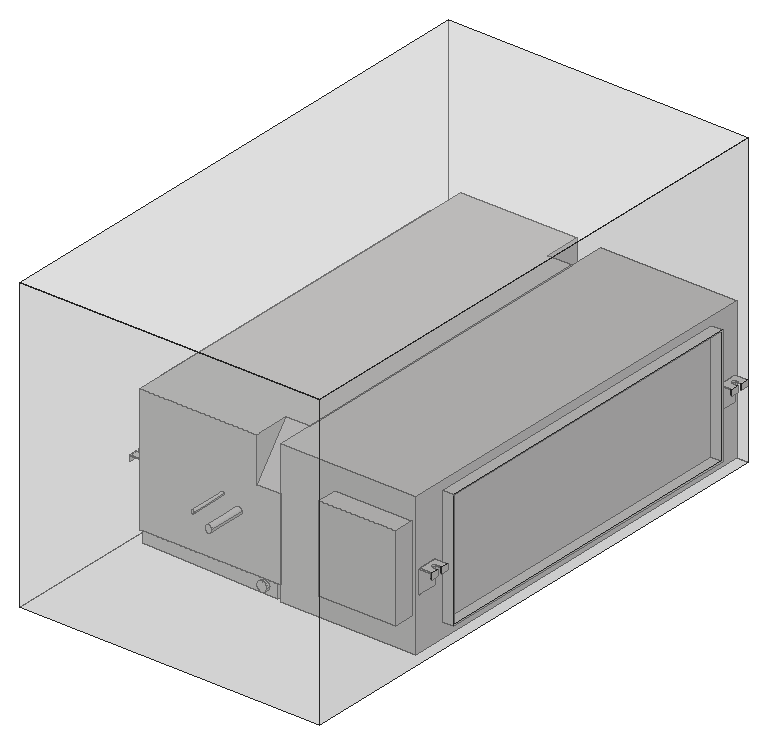
Revit family "outputfile", category 機械設備, Revit 2024
Family settings
  丸型コネクタ寸法 = 半径を使用
  パーツ タイプ = 標準
  OmniClass 番号 = 23.75.10.24.21.27.27
  OmniClass タイトル = Split System Air Conditioning Units
  作業面ベース = いいえ
  常に垂直 = はい
  ロード時にボイドで切り取り = いいえ
  注釈の向きを維持 = いいえ
  共有 = いいえ
  部屋計算ポイント = はい
Parameters (values of type "FDYQ250LCV1")
  製造元 = "Daikin"
  書き出し IFC クラス(タイプ) = "IfcUnitaryEquipmentType"
  定義済み IFC タイプ(タイプ) = "AIRCONDITIONINGUNIT"
  モデル = "FDYQ250LCV1"
  switch_frequency = yes
  lw_suctionflange = 1118 mm
  r_Liquid Pipe Size = Liquid Pipe Size / 2  # 4.75 mm
  r_Gas Pipe Size = Gas Pipe Size / 2  # 11.1 mm
  r_Drain Pipe Size = Drain Pipe Size / 2  # 16.35 mm
  lw_power = 33.5 mm  # constant formula
  lw_dischargeflange = 58 mm  # constant formula
  lh_power = 285 mm  # constant formula
  lh_mountinghole1 = lh_mountinghole + [h***]  # 254 mm
  lh_dischargeflange = 110 mm  # constant formula
  ld_power = 230 mm  # constant formula
  ld_dischargeflange = 70 mm  # constant formula
  connector_voltage = Voltage_50Hz  # 230 V
  connector_powerinput = 6.850 kW
  connector_phase = Phase_50Hz  # 1
  Voltage_comment_50Hz = "220 - 240"
  Voltage_50Hz = 230 V
  Total Heating Capacity [instance] = 0.000 kW
  Supply Air Direction [instance] = yes
  Sound Power Level_H speed (dB) = 74
  Power Input (Heating) = 8.140 kW
  Phase_50Hz = 1
  Nominal Heating Capacity = 26.800 kW
  Minimum External Static Pressure = 50.00 Pa
  Minimum Circuit Amps_50Hz = 8.8 A
  Maximum Fuse Amps_50Hz = 16.0 A
  Maximum External Static Pressure = 250.00 Pa
  Material_Casing = DAIKIN_GalvanizedSteel_Casing_indoorunit
  ld_mountinghole = 972 mm  # constant formula
  lh_gaspipe = 248.5 mm  # constant formula
  lh_mountinghole = 254 mm  # constant formula
  lh_liquidpipe = 216 mm  # constant formula
  lh_drainpipe = 30 mm  # constant formula
  lh_antena = Height - lh_mountinghole + 1 mm  # 217 mm
  ld_drainpipe = 413.5 mm  # constant formula
  ld_liquidpipe = 275 mm  # constant formula
  ld_gaspipe = 327.5 mm  # constant formula
  lw_mountinghole = 1248 mm
  h*** = 0 mm  # constant formula
  lw_liquidpipe = 123.75 mm
  lw_gaspipe = 124.55 mm
  lw_drainpipe = 10 mm  # constant formula
  Width = 1400 mm
  Version = "ver.1.0"
  Unit Type = "Duct"
  Unit Mass Weight = 85.00 kg
  Unit Designation [instance] = ""
  Uniclass2015Version = "Products v1.30"
  Uniclass2015Title = "Split coil room air conditioning units"
  Uniclass2015Code = "Pr_70_65_03_86"
  Total Cooling Capacity [instance] = 0.000 kW
  Sound Pressure Level_M speed (dBA) = 42.5
  Sound Pressure Level_L speed (dBA) = 39
  Sound Pressure Level_H speed (dBA) = 46
  Series = "SkyAir_Fan Coil Unit"
  Sensible Cooling Capacity [instance] = 0.000 kW
  SA Duct Size Width = 1118 mm
  SA Duct Size Height = 350 mm
  Refrigerant Type = "R410A"
  RA Duct Size Width = 1118 mm
  RA Duct Size Height = 392.5 mm
  Power Input (Cooling) = 7.470 kW
  Option Accessory 3 [instance] = ""
  Option Accessory 2 [instance] = ""
  Option Accessory 1 [instance] = ""
  Nominal Cooling Capacity = 24.000 kW
  Minimum Airflow = 0.00 m³/h
  Median Airflow = 0.00 m³/h
  Maximum Airflow = 5040.00 m³/h
  Load Classification = HVAC
  Liquid Pipe Size = 9.5 mm
  Link_Nested Family [instance] = ""
  IfcVersion = ""
  IfcExportType = "AIRCONDITIONINGUNIT"
  IfcExportAs = "IfcUnitaryEquipmentType"
  Height = 470 mm
  Heating Entering Wet Bulb Temperature [instance] = -273.15 °C
  Heating Entering Dry Bulb Temperature [instance] = -273.15 °C
  Heating Ambient Wet Bulb Temperature [instance] = -273.15 °C
  Heating Ambient Dry Bulb Temperature [instance] = -273.15 °C
  Heat Exchanger Type = "Cross Fin Coil"
  Gas Pipe Size = 22.2 mm
  Frequency_50Hz = 50 Hz
  Fan Type = "Sirocco Fan"
  Fan Drive = "-"
  FCU Tag No. [instance] = ""
  Drain Pipe Size = 32.7 mm
  Design Supply Airflow [instance] = 0.00 m³/h
  Design Return Airflow [instance] = 0.00 m³/h
  Design External Static Pressure [instance] = 0.00 Pa
  Depth = 997 mm
  既定の高さ = 0 mm
  Cooling Entering Wet Bulb Temperature [instance] = 0.00 °C
  Cooling Entering Dry Bulb Temperature [instance] = 0.00 °C
  Cooling Ambient Wet Bulb Temperature [instance] = 0.00 °C
  Cooling Ambient Dry Bulb Temperature [instance] = 0.00 °C
  Clearance visibility [instance] = yes
  Clearance Top = 500 mm
  Clearance Right = 0 mm
  Clearance Rear = 0 mm
  Clearance Left = 0 mm
  Clearance Front = 450 mm
  Clearance Bottom = 0 mm
Reference planes
  plane 1 "Center (Front/Back)": y = 0
  plane 2 "h": z = 0
  plane 3 "Center (Left/Right)": x = 0
  plane 4 "Back": y = 666.5
  plane 5: y = -666.5
  plane 6 "Left": x = -498.5
  plane 7 "Reight": x = 498.5
  plane 8 "Top": z = 0
  plane 9 "Bottom": z = -470
  plane 10 "ld_mountinghole1": y = 624
  plane 11: y = 666.5
  plane 12: y = -1116.5
  plane 13: x = -498.5
  plane 14: x = 498.5
  plane 15: z = 500
  plane 16: z = -470
  plane 17: x = 7.75
  plane 18: z = -420
  plane 19 "ld_mountinghole2": y = -624
  plane 20: x = -486
  plane 21: x = 486
  plane 22: x = -459.25
  plane 23: x = 459.25
  plane 24 "Front": y = -733.5
  plane 25 "lh_mountinghole": z = -216
  plane 26: y = -529.5
  plane 27: z = -33
  plane 28: y = -559
  plane 29: z = -419
  plane 30: x = -184.25
  plane 31: x = -131.75
  plane 32: x = -45.75
  plane 33 "lh_liquidpipe": z = -216
  plane 34: z = -248.5
  plane 35: z = -440
  plane 36: y = -790.25
  plane 37: y = -791.05
  plane 38: y = -676.5
  plane 39: y = -700
  plane 40: x = 229.25
Forms (mm)
  Extrusion 1, solid, material "DAIKIN_GalvanizedSteel_Casing_indoorunit" <- "Material_Casing"
    sketch origin (12.25, -160, 0) x (1, 0, 0) y (0, 1, 0)
      loop
        line (-4.5, 826.5) -> (-4.5, -506.5) -> (447, -506.5) -> (447, 826.5) -> (-4.5, 826.5)
    from -470 to 0
  Extrusion 2, solid, material "DAIKIN_GalvanizedSteel_Casing_indoorunit" <- "Material_Casing"
    sketch origin (0, 0, 0) x (1, 0, 0) y (0, 1, 0)
      loop
        line (-459.25, 666.5) -> (-459.25, -666.5) -> (7.75, -666.5) -> (7.75, 666.5) -> (-459.25, 666.5)
    from -420 to 0
  Extrusion 3, void
    sketch origin (7.75, 1196.25, 1200) x (0, -1, 0) y (0, 0, 1)
      loop
        line (1862.75, -1200) -> (1742.75, -1200) -> (1862.75, -1350) -> (1862.75, -1200)
    from 0 to 80
  Extrusion 4, void
    sketch origin (7.75, -1196.25, 1200) x (0, 1, 0) y (0, 0, -1)
      loop
        line (1862.75, 1200) -> (1862.75, 1350) -> (1742.75, 1200) -> (1862.75, 1200)
    from 0 to 80
  Extrusion 5, solid, material "DAIKIN_GalvanizedSteel_Casing_indoorunit" <- "Material_Casing"
    sketch origin (0, -900, 0) x (1, 0, 0) y (0, 0, 1)
      loop
        line (190.25, -76) -> (190.25, -361) -> (444.25, -361) -> (444.25, -76) -> (190.25, -76)
    from -233.5 to -166.5
  Extrusion 6, solid, material "DAIKIN_GalvanizedSteel_Casing_indoorunit" <- "Material_Casing"
    sketch origin (0, 0, 0) x (1, 0, 0) y (0, 0, 1)
      loop
        line (-449.25, -420) -> (-449.25, -457) -> (-2.25, -467) -> (-2.25, -420) -> (-449.25, -420)
    from -666.5 to 666.5
  Extrusion 7, solid, material "DAIKIN_GalvanizedSteel_Casing_indoorunit" <- "Material_Casing"
    sketch origin (-1374.64, -666.5, 1200) x (-1, 0, 0) y (0, 0, 1)
      loop
        circle (-1190.39, -1416) r 4.75
    from 0 to -123.75
  Extrusion 8, solid, material "DAIKIN_GalvanizedSteel_Casing_indoorunit" <- "Material_Casing"
    sketch origin (-1374.64, -666.5, 1200) x (-1, 0, 0) y (0, 0, 1)
      loop
        circle (-1242.89, -1448.5) r 11.1
    from 0 to -124.55
  Extrusion 9, solid, material "DAIKIN_GalvanizedSteel_Casing_indoorunit" <- "Material_Casing"
    sketch origin (-1374.64, -666.5, 1200) x (-1, 0, 0) y (0, 0, 1)
      loop
        circle (-1328.89, -1640) r 16.35
    from 0 to -10
Cuts and joins
  Extrusion 3, Extrusion 4 cuts Extrusion 1
  Extrusion 3, Extrusion 4 cuts Extrusion 2
Dimensions and locks
  "Height": plane 8 "Top" to plane 9 "Bottom"
  equal spacing: plane 6 "Left", plane 3 "Center (Left/Right)", plane 7 "Reight"
  "Clearance Left": plane 13 to plane 6 "Left"
  "Clearance Right": plane 7 "Reight" to plane 14
  "Clearance Rear": plane 11 to plane 4 "Back"
  "Clearance Front": plane 5 to plane 12
  "Clearance Top": plane 15 to plane 8 "Top"
  "Clearance Bottom": plane 9 "Bottom" to plane 16
  equal spacing: plane 19 "ld_mountinghole2", plane 1 "Center (Front/Back)", plane 10 "ld_mountinghole1"
  "lw_mountinghole": plane 19 "ld_mountinghole2" to plane 10 "ld_mountinghole1"
  equal spacing: plane 20, plane 3 "Center (Left/Right)", plane 21
  "ld_mountinghole": plane 20 to plane 21
  "Depth": plane 6 "Left" to plane 7 "Reight"
  locked: plane 22 to plane 23 at 918.5
  equal spacing: plane 22, plane 3 "Center (Left/Right)", plane 23
  locked: plane 8 "Top" to plane 18 at 420
  "Width": plane 4 "Back" to plane 24 "Front"
  plane 4 "Back" to plane 5 = 1333 mm
  equal spacing: plane 4 "Back", plane 1 "Center (Front/Back)", plane 5
  "lh_mountinghole": plane 25 "lh_mountinghole" to plane 9 "Bottom"
  locked: plane 5 to plane 24 "Front" at 67
  locked: Extrusion 5 sketch curve to Extrusion 5 sketch curve at 254
  locked: Extrusion 5 sketch curve to Extrusion 5 sketch curve at 285
  locked: plane 8 "Top" to Extrusion 5 sketch curve at 76
  locked: plane 7 "Reight" to Extrusion 5 sketch curve at 54.25
  locked: plane 22 to plane 17 at 467
  locked: plane 26 to plane 5 at 137
  locked: plane 8 "Top" to plane 27 at 33
  locked: plane 28 to plane 5 at 107.5
  locked: plane 29 to plane 9 "Bottom" at 51
  "ld_liquidpipe": plane 22 to plane 30
  "ld_gaspipe": plane 22 to plane 31
  "ld_drainpipe": plane 22 to plane 32
  "lh_liquidpipe": plane 8 "Top" to plane 33 "lh_liquidpipe"
  "lh_gaspipe": plane 8 "Top" to plane 34
  "lh_drainpipe": plane 35 to plane 9 "Bottom"
  "lw_liquidpipe": plane 5 to plane 36
  "lw_gaspipe": plane 5 to plane 37
  "lw_drainpipe": plane 5 to plane 38
  "lw_power": plane 5 to plane 39
  "ld_power": plane 40 to plane 23
  "r_Liquid Pipe Size": radius of Extrusion 7 sketch curve
  "r_Gas Pipe Size": radius of Extrusion 8 sketch curve
  "r_Drain Pipe Size": radius of Extrusion 9 sketch curve
  aligned and locked: level to plane 2 "h"
  aligned and locked: plane 8 "Top" to Extrusion 1
  aligned and locked: Extrusion 1 to plane 9 "Bottom"
  aligned and locked: plane 10 "ld_mountinghole1" to nested 2
  aligned and locked: nested 4 to plane 12
  aligned and locked: plane 13 to nested 4
  aligned and locked: plane 14 to nested 4
  aligned and locked: nested 4 to plane 13
  aligned and locked: plane 11 to nested 4
  aligned and locked: plane 15 to nested 4
  aligned and locked: plane 16 to nested 4
  aligned and locked: Extrusion 1 to plane 17
  aligned and locked: Extrusion 2 sketch curve to plane 4 "Back"
  aligned and locked: Extrusion 2 sketch curve to plane 17
  aligned and locked: plane 5 to Extrusion 2 sketch curve
  aligned and locked: nested 1 to plane 19 "ld_mountinghole2"
  aligned and locked: plane 10 "ld_mountinghole1" to nested 7
  aligned and locked: plane 20 to nested 7
  aligned and locked: nested 6 to plane 19 "ld_mountinghole2"
  aligned and locked: plane 20 to nested 6
  aligned and locked: nested 5 to plane 21
  aligned and locked: nested 5 to plane 19 "ld_mountinghole2"
  aligned and locked: plane 10 "ld_mountinghole1" to nested 8
  aligned and locked: nested 8 to plane 21
  aligned and locked: plane 19 "ld_mountinghole2" to nested 9
  aligned and locked: nested 10 to plane 10 "ld_mountinghole1"
  aligned and locked: nested 3 to plane 3 "Center (Left/Right)"
  aligned and locked: plane 1 "Center (Front/Back)" to nested 3
  aligned and locked: level to plane 8 "Top"
  aligned and locked: Extrusion 2 to plane 22
  aligned and locked: plane 23 to Extrusion 1
  aligned and locked: plane 4 "Back" to Extrusion 1
  aligned and locked: Extrusion 1 to plane 5
  aligned and locked: Extrusion 2 to plane 18
  aligned and locked: plane 8 "Top" to Extrusion 2
  aligned and locked: nested 10 to plane 22
  aligned and locked: nested 9 to plane 22
  aligned and locked: plane 23 to nested 2
  aligned and locked: plane 23 to nested 1
  aligned and locked: plane 25 "lh_mountinghole" to nested 10
  aligned and locked: plane 25 "lh_mountinghole" to nested 9
  aligned and locked: plane 25 "lh_mountinghole" to nested 2
  aligned and locked: plane 25 "lh_mountinghole" to nested 1
  aligned and locked: plane 5 to Extrusion 5
  aligned and locked: Extrusion 5 to plane 24 "Front"
  aligned and locked: nested 11 to plane 22
  aligned and locked: plane 6 "Left" to nested 11
  aligned and locked: plane 26 to nested 11
  aligned and locked: plane 27 to nested 11
  aligned and locked: plane 23 to nested 12
  aligned and locked: nested 12 to plane 7 "Reight"
  aligned and locked: plane 28 to nested 12
  aligned and locked: nested 12 to plane 29
  aligned and locked: plane 4 "Back" to Extrusion 6
  aligned and locked: Extrusion 6 to plane 5
  aligned and locked: plane 33 "lh_liquidpipe" to Extrusion 7 sketch curve
  aligned and locked: plane 30 to Extrusion 7 sketch curve
  aligned and locked: plane 5 to Extrusion 7
  aligned and locked: Extrusion 7 to plane 36
  aligned and locked: plane 34 to Extrusion 8 sketch curve
  aligned and locked: plane 31 to Extrusion 8 sketch curve
  aligned and locked: Extrusion 8 to plane 37
  aligned and locked: plane 35 to Extrusion 9 sketch curve
  aligned and locked: plane 32 to Extrusion 9 sketch curve
  aligned and locked: plane 5 to Extrusion 8
  aligned and locked: plane 5 to Extrusion 9
  aligned and locked: Extrusion 9 to plane 38
  aligned and locked: plane 30 to nested 13
  aligned and locked: nested 13 to plane 36
  aligned and locked: nested 13 to plane 33 "lh_liquidpipe"
  aligned and locked: plane 31 to nested 14
  aligned and locked: nested 14 to plane 37
  aligned and locked: nested 14 to plane 34
  aligned and locked: plane 32 to nested 15
  aligned and locked: nested 15 to plane 38
  aligned and locked: nested 15 to plane 35
  aligned and locked: Extrusion 5 to nested 16
  aligned and locked: plane 40 to nested 16
  aligned and locked: nested 16 to plane 39
  aligned and locked: Extrusion 6 sketch curve to plane 18
Automatic sketch dimensions
  Extrusion 1 sketch curve to plane 5 = 0 mm
  Extrusion 1 sketch curve to plane 17 = 0 mm
  Extrusion 1 sketch curve to plane 23 = 0 mm
  Extrusion 1 sketch curve to plane 4 "Back" = 0 mm
  Extrusion 2 sketch curve to plane 22 = 0 mm
  Extrusion 3 sketch curve to level = 0 mm
  Extrusion 3 sketch curve to plane 5 = 0 mm
  plane 19 "ld_mountinghole2" to Extrusion 3 sketch curve = 77.5 mm
  plane 25 "lh_mountinghole" to Extrusion 3 sketch curve = 66 mm
  Extrusion 4 sketch curve to level = 0 mm
  Extrusion 4 sketch curve to plane 4 "Back" = 0 mm
  plane 10 "ld_mountinghole1" to Extrusion 4 sketch curve = 77.5 mm
  plane 25 "lh_mountinghole" to Extrusion 4 sketch curve = 66 mm
  plane 22 to Extrusion 6 sketch curve = 10 mm
  Extrusion 6 sketch curve to plane 3 "Center (Left/Right)" = 2.25 mm
  plane 9 "Bottom" to Extrusion 6 sketch curve = 3 mm
  plane 9 "Bottom" to Extrusion 6 sketch curve = 13 mm
Nested families
  nested 1: "daikin_hangerfixture_FDYQ-LCV1" at (459.25, -624, -216), type "daikin_hangerfixture_FDYQ-LCV1"
  nested 2: "daikin_hangerfixture_FDYQ-LCV1" at (459.25, 624, -216), type "daikin_hangerfixture_FDYQ-LCV1"
  nested 3: "daikin_△_symbolicline" at (0, 0, 470) x (0, -1, 0) z (0, 0, 1), built-in parameter 1001364 <- "Height", visible <- "Supply Air Direction", type "daikin_△_symbolicline"
    with length 300 mm
  nested 4: "daikin_clearancespace" at (0, -225, 15.119), visible <- "Clearance visibility", show <- "Clearance visibility", Link_Nested Family <- "Link_Nested Family", type "daikin_clearancespace"
    with width 997 mm, show yes, height 970 mm, depth 1783 mm, Link_Nested Family ""
  nested 5: "daikin_mountinghole" at (486, -624, -470), l_antenna <- "lh_antena", Link_Nested Family <- "Link_Nested Family", h_mountinghole <- "lh_mountinghole1", type "daikin_mountinghole"
    with show yes, l_antenna 217 mm, h_mountinghole 254 mm, Link_Nested Family ""
  nested 6: "daikin_mountinghole" at (-486, -624, -470), l_antenna <- "lh_antena", Link_Nested Family <- "Link_Nested Family", h_mountinghole <- "lh_mountinghole1", type "daikin_mountinghole"
    with show yes, l_antenna 217 mm, h_mountinghole 254 mm, Link_Nested Family ""
  nested 7: "daikin_mountinghole" at (-486, 624, -470), h_mountinghole <- "lh_mountinghole1", l_antenna <- "lh_antena", Link_Nested Family <- "Link_Nested Family", type "daikin_mountinghole"
    with show yes, l_antenna 217 mm, h_mountinghole 254 mm, Link_Nested Family ""
  nested 8: "daikin_mountinghole" at (486, 624, -470), l_antenna <- "lh_antena", Link_Nested Family <- "Link_Nested Family", h_mountinghole <- "lh_mountinghole1", type "daikin_mountinghole"
    with show yes, l_antenna 217 mm, h_mountinghole 254 mm, Link_Nested Family ""
  nested 9: "daikin_hangerfixture_FDYQ-LCV1_2" at (-459.25, -624, -216) x (-1, 0, 0) z (0, 0, 1), type "daikin_hangerfixture_FDYQ-LCV1_2"
  nested 10: "daikin_hangerfixture_FDYQ-LCV1_2" at (-459.25, 624, -216) x (-1, 0, 0) z (0, 0, 1), type "daikin_hangerfixture_FDYQ-LCV1_2"
  nested 11: "daikin_ductflange_FDYQ-LCV1" at (-498.5, 29.5, -383) x (0, 1, 0) z (0, 0, 1), width <- "lw_suctionflange", material <- "Material_Casing", type "daikin_ductflange_FDYQ-LCV1"
    with width 1118 mm, material DAIKIN_GalvanizedSteel_Casing_indoorunit, height 350 mm, depth 39.25 mm
  nested 12: "daikin_ductflange_FDYQ-LCV1" at (459.25, 0, -419) x (0, 1, 0) z (0, 0, 1), width <- "lw_suctionflange", material <- "Material_Casing", type "daikin_ductflange_FDYQ-LCV1"
    with width 1118 mm, material DAIKIN_GalvanizedSteel_Casing_indoorunit, height 392.5 mm, depth 39.25 mm
  nested 13: "daikin_connector_rotate2" at (-184.25, -666.5, -216), length <- "lw_liquidpipe", radius <- "r_Liquid Pipe Size", type "daikin_connector_rotate2"
    with radius 4.75 mm, length 123.75 mm, angle_vertical 90.00°, show_face no
  nested 14: "daikin_connector_rotate2" at (-131.75, -666.5, -248.5), length <- "lw_gaspipe", radius <- "r_Gas Pipe Size", type "daikin_connector_rotate2"
    with radius 11.1 mm, length 124.55 mm, angle_vertical 90.00°, show_face no
  nested 15: "daikin_connector_rotate2" at (-45.75, -666.5, -440), length <- "lw_drainpipe", radius <- "r_Drain Pipe Size", type "daikin_connector_rotate2"
    with radius 16.35 mm, length 10 mm, angle_vertical 90.00°, show_face no
  nested 16: "daikin_connector_rotate2" at (229.25, -700, -76) x (1, 0, 0) z (0, -1, 0), length <- "lh_power", type "daikin_connector_rotate2"
    with radius 10 mm, length 285 mm, angle_vertical 90.00°, show_face no
Connectors
  hvac at (-498.5, 29.5, -208), driven by "SA Duct Size Height", driven by "SA Duct Size Width"
    settings: on nested 11, index 1, duct flow 0.00 m³/h, flow factor 0, pres drop 0.00 Pa, loss coef 0, conn angle 0.00°, conn width 1118.0 mm, conn height 350.0 mm, conn diameter 609.6 mm, duct sys type 1, conn prof type 1, flow config 0, flow direction 2, loss method 4, conn ref index -1, conn util no, is conn primary yes, conn desc "SA Duct"
  hvac at (498.5, 0, -222.75), driven by "RA Duct Size Height", driven by "RA Duct Size Width"
    settings: on nested 12, index 2, duct flow 0.00 m³/h, flow factor 0, pres drop 0.00 Pa, loss coef 0, conn angle 0.00°, conn width 1118.0 mm, conn height 392.5 mm, conn diameter 609.6 mm, duct sys type 2, conn prof type 1, flow config 0, flow direction 1, loss method 4, conn ref index -1, conn util no, is conn primary no, conn desc "RA Duct"
  piping at (-184.25, -790.25, -216), diameter 9.5, driven by "r_Liquid Pipe Size"
    settings: on nested 13, index 3, connector inside diameter 609.6 mm, connector length 0 mm, flow factor 0, pipe flow 0.00 m³/h, pressure drop 0.0 Pa, fitting loss kfactor 0, connector angle 0.00°, fixture units 0, engagement length 0 mm, angle of deflection 0.00°, flow configuration 1, flow direction 1, fitting loss method 0, system type 29, joint type 0, gender type 0, connector reference index -1, connector utility 0, adjustable connector no, is connector primary yes, connector description "Refrigerant Liquid Piping"
  piping at (-131.75, -791.05, -248.5), diameter 22.2, driven by "r_Gas Pipe Size"
    settings: on nested 14, index 4, connector inside diameter 609.6 mm, connector length 0 mm, flow factor 0, pipe flow 0.00 m³/h, pressure drop 0.0 Pa, fitting loss kfactor 0, connector angle 0.00°, fixture units 0, engagement length 0 mm, angle of deflection 0.00°, flow configuration 1, flow direction 2, fitting loss method 0, system type 29, joint type 0, gender type 0, connector reference index -1, connector utility 0, adjustable connector no, is connector primary no, connector description "Refrigerant Gas Piping"
  piping at (-45.75, -676.5, -440), diameter 32.7, driven by "r_Drain Pipe Size"
    settings: on nested 15, index 5, connector inside diameter 609.6 mm, connector length 0 mm, flow factor 0, pipe flow 0.00 m³/h, pressure drop 0.0 Pa, fitting loss kfactor 0, connector angle 0.00°, fixture units 0, engagement length 0 mm, angle of deflection 0.00°, flow configuration 1, flow direction 2, fitting loss method 4, system type 16, joint type 0, gender type 0, connector reference index -1, connector utility 0, adjustable connector no, is connector primary no, connector description "Condensate Drain Piping"
  electrical at (229.25, -700, -361), driven by "Load Classification", driven by "connector_voltage", driven by "connector_phase", driven by "connector_powerinput"
    settings: on nested 16, index 6, voltage 230 V, apparent load 6850 VA, apparent load phase1 0 VA, apparent load phase2 0 VA, apparent load phase3 0 VA, power factor 1, load classification "HVAC", number of poles 1, system type 30, power factor state 1, is connector primary yes, connector utility no, sub classification motor no, connector description "Power Supply"
Definition of nested family "daikin_hangerfixture_FDYQ-LCV1"
  Parameters (values of type "daikin_hangerfixture_FDYQ-LCV1")
    width = 44 mm
    material = none
    height = 80 mm
    depth = 65 mm
    Default Elevation = 0 mm
  Reference planes
    plane 1 "Center (Front/Back)": y = 0
    plane 2: z = 0
    plane 3 "Center (Left/Right)": x = 0
    plane 4: y = 417.146
    plane 5: z = -2
    plane 6: z = -65
    plane 7: z = -12
    plane 8: x = 44
    plane 9: y = 32.5
    plane 10: y = -32.5
    plane 11: y = -36
    plane 12: y = 36
    plane 13: z = -80
    plane 14: x = 2
    plane 15: x = 14
    plane 16: x = 26
    plane 17: x = 42
  Forms (mm)
    Extrusion 1, solid, material <- "material"
      sketch origin (0, 0, 0) x (1, 0, 0) y (0, 1, 0)
        loop
          line (0, 32.5) -> (0, -32.5) -> (44, -32.5) -> (44, -7.5) -> (26.75, -7.5)
          arc (26.75, -7.5) -> (19.25, 0) -> (26.75, 7.5) r 7.5
          line (26.75, 7.5) -> (44, 7.5) -> (44, 32.5) -> (0, 32.5)
      from -2 to 0
    Extrusion 2, solid, material <- "material"
      sketch origin (0, 0, 0) x (0, 1, 0) y (0, 0, 1)
        loop
          line (32.5, -75.411) -> (32.5, 0) -> (-32.5, 0) -> (-32.5, -75.411)
          arc (-32.5, -75.411) -> (-31.156, -78.656) -> (-27.911, -80) r 4.589
          line (-27.911, -80) -> (27.911, -80)
          arc (27.911, -80) -> (31.156, -78.656) -> (32.5, -75.411) r 4.589
      from 0 to 2
    Extrusion 3, solid, material <- "material"
      sketch origin (0, 0, 0) x (0, 1, 0) y (0, 0, 1)
        loop
          line (-7.5, -17.007) -> (-7.5, 0) -> (-32.5, 0) -> (-32.5, -17.007)
          arc (-32.5, -17.007) -> (-31.623, -19.123) -> (-29.507, -20) r 2.993
          line (-29.507, -20) -> (-10.493, -20)
          arc (-10.493, -20) -> (-8.377, -19.123) -> (-7.5, -17.007) r 2.993
        loop
          arc (7.5, -17.007) -> (8.377, -19.123) -> (10.493, -20) r 2.993
          line (10.493, -20) -> (29.507, -20)
          arc (29.507, -20) -> (31.623, -19.123) -> (32.5, -17.007) r 2.993
          line (32.5, -17.007) -> (32.5, 0) -> (7.5, 0) -> (7.5, -17.007)
      from 44 to 42
  Cuts and joins
    joined: Extrusion 1, Extrusion 2, Extrusion 3
  Dimensions and locks
    "width": plane 3 "Center (Left/Right)" to plane 8
    "depth": plane 10 to plane 9
    equal spacing: plane 10, plane 1 "Center (Front/Back)", plane 9
    locked: plane 11 to plane 10 at 3.5
    locked: plane 9 to plane 12 at 3.5
    "height": level to plane 13
    locked: plane 14 to plane 3 "Center (Left/Right)" at 2
    plane 3 "Center (Left/Right)" to plane 15 = 14 mm
    locked: plane 15 to plane 16 at 12
    plane 3 "Center (Left/Right)" to Extrusion 1 = 44 mm
    locked: plane 2 to plane 5 at 2
    locked: plane 8 to plane 17 at 2
    aligned and locked: level to plane 2
    aligned and locked: level to Extrusion 1
    aligned and locked: Extrusion 1 to plane 5
    aligned and locked: Extrusion 1 sketch curve to plane 3 "Center (Left/Right)"
    aligned and locked: Extrusion 1 sketch curve to plane 8  (x2)
    aligned and locked: level to Extrusion 2 sketch curve
    aligned and locked: plane 14 to Extrusion 2
    aligned and locked: Extrusion 3 sketch curve to level
    aligned and locked: level to Extrusion 3 sketch curve
    aligned and locked: plane 9 to Extrusion 1 sketch curve
    aligned and locked: Extrusion 1 sketch curve to plane 10
    aligned and locked: plane 13 to Extrusion 2 sketch curve
    aligned and locked: plane 8 to cut or joined group of Extrusion 1, Extrusion 2, Extrusion 3
    aligned and locked: cut or joined group of Extrusion 1, Extrusion 2, Extrusion 3 to plane 17
  Automatic sketch dimensions
    plane 9 to Extrusion 2 sketch curve = 4.589 mm
    Extrusion 2 sketch curve to plane 10 = 4.589 mm
    Extrusion 2 sketch curve to Extrusion 2 sketch curve = 4.589 mm
    Extrusion 2 sketch curve to plane 9 = 0 mm
    plane 10 to Extrusion 3 sketch curve = 0 mm
    Extrusion 3 sketch curve to plane 7 = 8 mm  (x2)
    Extrusion 3 sketch curve to plane 10 = 2.993 mm
    Extrusion 3 sketch curve to plane 7 = 5.007 mm  (x2)
    plane 1 "Center (Front/Back)" to Extrusion 3 sketch curve = 10.493 mm
    Extrusion 3 sketch curve to plane 1 "Center (Front/Back)" = 7.5 mm
    plane 9 to Extrusion 3 sketch curve = 2.993 mm
    Extrusion 3 sketch curve to plane 9 = 0 mm
    plane 1 "Center (Front/Back)" to Extrusion 1 sketch curve = 0 mm
    plane 16 to Extrusion 1 sketch curve = 0.75 mm
    Extrusion 1 sketch curve to plane 1 "Center (Front/Back)" = 7.5 mm
Definition of nested family "daikin_clearancespace"
  Parameters (values of type "daikin_clearancespace")
    Description = "daikin_clearancespace"
    width [instance] = 1823.963 mm
    show [instance] = yes
    material = none
    height [instance] = 1359.762 mm
    depth [instance] = 880 mm
    Default Elevation = 0 mm
    Link_Nested Family [instance] = ""
  Reference planes
    plane 1 "Center (Front/Back)": y = 0
    plane 2 "Center (Elevation)": z = -0.119
    plane 3 "Center (Left/Right)": x = 0
    plane 4: y = 440
    plane 5: y = -440
    plane 6 "Right": x = 911.982
    plane 7 "Left": x = -911.982
    plane 8 "Top": z = 679.762
    plane 9 "Bottom": z = -680
  Forms (mm)
    Extrusion 1, solid, material <- "material", visible <- "show"
      sketch origin (0, 0, 0) x (1, 0, 0) y (0, 1, 0)
        loop
          line (-911.982, 440) -> (-911.982, -440) -> (911.982, -440) -> (911.982, 440) -> (-911.982, 440)
      from -680 to 679.762
  Lines and regions (mm)
    symbolic lines, visible <- "show"
      curve 1: line (911.982, 440, 0) -> (-911.982, 440, 0)
      curve 2: line (-911.982, 440, 0) -> (-911.982, -440, 0)
      curve 3: line (-911.982, -440, 0) -> (911.982, -440, 0)
      curve 4: line (911.982, -440, 0) -> (911.982, 440, 0)
      curve 5: line (911.982, 0, 679.762) -> (-911.982, 0, 679.762)
      curve 6: line (911.982, 0, -680) -> (911.982, 0, 679.762)
      curve 7: line (-911.982, 0, -680) -> (911.982, 0, -680)
      curve 8: line (-911.982, 0, 679.762) -> (-911.982, 0, -680)
      curve 9: line (0, 440, 679.762) -> (0, -440, 679.762)
      curve 10: line (0, -440, 679.762) -> (0, -440, -680)
      curve 11: line (0, 440, -680) -> (0, 440, 679.762)
      curve 12: line (0, -440, -680) -> (0, 440, -680)
  Dimensions and locks
    "width": plane 7 "Left" to plane 6 "Right"
    "depth": plane 4 to plane 5
    "height": plane 8 "Top" to plane 9 "Bottom"
    equal spacing: plane 7 "Left", plane 3 "Center (Left/Right)", plane 6 "Right"
    equal spacing: plane 4, plane 1 "Center (Front/Back)", plane 5
    equal spacing: plane 8 "Top", plane 2 "Center (Elevation)", plane 9 "Bottom"
    aligned and locked: level to plane 2 "Center (Elevation)"
    aligned and locked: Extrusion 1 sketch curve to plane 4
    aligned and locked: plane 7 "Left" to Extrusion 1 sketch curve
    aligned and locked: Extrusion 1 sketch curve to plane 5
    aligned and locked: Extrusion 1 sketch curve to plane 6 "Right"
    aligned and locked: plane 8 "Top" to Extrusion 1
    aligned and locked: curve 1 to Extrusion 1
    aligned and locked: curve 2 to Extrusion 1
    aligned and locked: curve 3 to Extrusion 1
    aligned and locked: curve 4 to Extrusion 1
    aligned and locked: curve 5 to Extrusion 1
    aligned and locked: curve 6 to Extrusion 1
    aligned and locked: curve 7 to Extrusion 1
    aligned and locked: curve 8 to Extrusion 1
    aligned and locked: curve 9 to Extrusion 1
    aligned and locked: curve 10 to Extrusion 1
    aligned and locked: curve 11 to Extrusion 1
    aligned and locked: curve 12 to Extrusion 1
    aligned and locked: Extrusion 1 to plane 9 "Bottom"
Definition of nested family "daikin_hangerfixture_FDYQ-LCV1_2"
  Parameters (values of type "daikin_hangerfixture_FDYQ-LCV1_2")
    width = 44 mm
    material = none
    height = 204 mm
    depth = 65 mm
    Default Elevation = 0 mm
  Reference planes
    plane 1 "Center (Front/Back)": y = 0
    plane 2: z = 0
    plane 3 "Center (Left/Right)": x = 0
    plane 4: y = 417.146
    plane 5: z = -2
    plane 6: z = -65
    plane 7: z = -12
    plane 8: x = 44
    plane 9: y = 32.5
    plane 10: y = -32.5
    plane 11: y = -36
    plane 12: y = 36
    plane 13: z = -204
    plane 14: x = 2
    plane 15: x = 14
    plane 16: x = 26
    plane 17: x = 42
  Forms (mm)
    Extrusion 1, solid, material <- "material"
      sketch origin (0, 0, 0) x (1, 0, 0) y (0, 1, 0)
        loop
          line (0, 32.5) -> (0, -32.5) -> (44, -32.5) -> (44, -7.5) -> (26.75, -7.5)
          arc (26.75, -7.5) -> (19.25, 0) -> (26.75, 7.5) r 7.5
          line (26.75, 7.5) -> (44, 7.5) -> (44, 32.5) -> (0, 32.5)
      from -2 to 0
    Extrusion 2, solid, material <- "material"
      sketch origin (0, 0, 0) x (0, 1, 0) y (0, 0, 1)
        loop
          line (32.5, -199.411) -> (32.5, 0) -> (-32.5, 0) -> (-32.5, -199.411)
          arc (-32.5, -199.411) -> (-31.156, -202.656) -> (-27.911, -204) r 4.589
          line (-27.911, -204) -> (27.911, -204)
          arc (27.911, -204) -> (31.156, -202.656) -> (32.5, -199.411) r 4.589
      from 0 to 2
    Extrusion 3, solid, material <- "material"
      sketch origin (0, 0, 0) x (0, 1, 0) y (0, 0, 1)
        loop
          line (-7.5, -17.007) -> (-7.5, 0) -> (-32.5, 0) -> (-32.5, -17.007)
          arc (-32.5, -17.007) -> (-31.623, -19.123) -> (-29.507, -20) r 2.993
          line (-29.507, -20) -> (-10.493, -20)
          arc (-10.493, -20) -> (-8.377, -19.123) -> (-7.5, -17.007) r 2.993
        loop
          arc (7.5, -17.007) -> (8.377, -19.123) -> (10.493, -20) r 2.993
          line (10.493, -20) -> (29.507, -20)
          arc (29.507, -20) -> (31.623, -19.123) -> (32.5, -17.007) r 2.993
          line (32.5, -17.007) -> (32.5, 0) -> (7.5, 0) -> (7.5, -17.007)
      from 44 to 42
  Cuts and joins
    joined: Extrusion 1, Extrusion 2, Extrusion 3
  Dimensions and locks
    "width": plane 3 "Center (Left/Right)" to plane 8
    "depth": plane 10 to plane 9
    equal spacing: plane 10, plane 1 "Center (Front/Back)", plane 9
    locked: plane 11 to plane 10 at 3.5
    locked: plane 9 to plane 12 at 3.5
    "height": level to plane 13
    locked: plane 14 to plane 3 "Center (Left/Right)" at 2
    plane 3 "Center (Left/Right)" to plane 15 = 14 mm
    locked: plane 15 to plane 16 at 12
    locked: plane 2 to plane 5 at 2
    locked: plane 8 to plane 17 at 2
    aligned and locked: level to plane 2
    aligned and locked: level to Extrusion 1
    aligned and locked: Extrusion 1 to plane 5
    aligned and locked: Extrusion 1 sketch curve to plane 3 "Center (Left/Right)"
    aligned and locked: Extrusion 1 sketch curve to plane 8  (x2)
    aligned and locked: level to Extrusion 2 sketch curve
    aligned and locked: plane 14 to Extrusion 2
    aligned and locked: Extrusion 3 sketch curve to level
    aligned and locked: level to Extrusion 3 sketch curve
    aligned and locked: plane 9 to Extrusion 1 sketch curve
    aligned and locked: Extrusion 1 sketch curve to plane 10
    aligned and locked: plane 13 to Extrusion 2 sketch curve
    aligned and locked: plane 8 to cut or joined group of Extrusion 1, Extrusion 2, Extrusion 3
    aligned and locked: cut or joined group of Extrusion 1, Extrusion 2, Extrusion 3 to plane 17
  Automatic sketch dimensions
    plane 9 to Extrusion 2 sketch curve = 4.589 mm
    Extrusion 2 sketch curve to plane 10 = 4.589 mm
    Extrusion 2 sketch curve to Extrusion 2 sketch curve = 4.589 mm
    Extrusion 2 sketch curve to plane 9 = 0 mm
    plane 10 to Extrusion 3 sketch curve = 0 mm
    Extrusion 3 sketch curve to plane 7 = 8 mm  (x2)
    Extrusion 3 sketch curve to plane 10 = 2.993 mm
    Extrusion 3 sketch curve to plane 7 = 5.007 mm  (x2)
    plane 1 "Center (Front/Back)" to Extrusion 3 sketch curve = 10.493 mm
    Extrusion 3 sketch curve to plane 1 "Center (Front/Back)" = 7.5 mm
    plane 9 to Extrusion 3 sketch curve = 2.993 mm
    Extrusion 3 sketch curve to plane 9 = 0 mm
    plane 1 "Center (Front/Back)" to Extrusion 1 sketch curve = 0 mm
    plane 16 to Extrusion 1 sketch curve = 0.75 mm
    Extrusion 1 sketch curve to plane 1 "Center (Front/Back)" = 7.5 mm
Definition of nested family "daikin_ductflange_FDYQ-LCV1"
  Parameters (values of type "daikin_ductflange_FDYQN-LCV1")
    width [instance] = 918 mm
    material [instance] = none
    height [instance] = 350 mm
    depth [instance] = 39.25 mm
    Default Elevation = 0 mm
  Reference planes
    plane 1 "Center (Front/Back)": y = 0
    plane 2: z = 0
    plane 3 "Center (Left/Right)": x = 0
    plane 4: y = -39.25
    plane 5: x = -459
    plane 6: x = 459
    plane 7 "Top": z = 350
    plane 8 "Center (Elevation)": z = 175
  Forms (mm)
    Extrusion 1, solid, material <- "material"
      sketch origin (0, 0, 0) x (1, 0, 0) y (0, 0, 1)
        loop
          line (-459, 350) -> (-459, 0) -> (459, 0) -> (459, 350) -> (-459, 350)
        loop
          line (-457, 348) -> (-457, 2) -> (457, 2) -> (457, 348) -> (-457, 348)
      from 0 to 39.25
  Dimensions and locks
    "height": plane 7 "Top" to plane 2
    "width": plane 5 to plane 6
    equal spacing: plane 5, plane 3 "Center (Left/Right)", plane 6
    "depth": plane 1 "Center (Front/Back)" to plane 4
    equal spacing: plane 7 "Top", plane 8 "Center (Elevation)", plane 2
    locked: plane 7 "Top" to Extrusion 1 sketch curve at 2
    locked: Extrusion 1 sketch curve to level at 2
    locked: Extrusion 1 sketch curve to plane 5 at 2
    locked: plane 6 to Extrusion 1 sketch curve at 2
    aligned and locked: level to plane 2
    aligned and locked: Extrusion 1 sketch curve to plane 7 "Top"
    aligned and locked: plane 5 to Extrusion 1 sketch curve
    aligned and locked: Extrusion 1 sketch curve to plane 6
    aligned and locked: plane 2 to Extrusion 1 sketch curve
    aligned and locked: Extrusion 1 to plane 4
Definition of nested family "daikin_△_symbolicline"
  Parameters (values of type "daikin_△_symbolicline")
    length [instance] = 200 mm
    Default Elevation = 0 mm
  Reference planes
    plane 1 "Center (Front/Back)": y = 0
    plane 2: z = 0
    plane 3 "Center (Left/Right)": x = 0
  Lines and regions (mm)
    symbolic lines
      curve 1: line (0, -173.205, 0) -> (100, 0, 0)
      curve 2: line (100, 0, 0) -> (-100, 0, 0)
      curve 3: line (-100, 0, 0) -> (0, -173.205, 0)
  Dimensions and locks
    equal spacing: curve 3, plane 3 "Center (Left/Right)", curve 2
    "length": curve 3 to curve 2
    "length": curve 3 to curve 3
    "length": curve 1 to curve 1
    aligned and locked: level to plane 2
    aligned and locked: curve 2 to plane 1 "Center (Front/Back)"
    aligned and locked: plane 3 "Center (Left/Right)" to curve 3
Definition of nested family "daikin_mountinghole"
  Parameters (values of type "daikin_mountinghole")
    Default Elevation = 1219.2 mm
    Type Comments = "mountinghole"
    show [instance] = yes
    material = none
    l_centerline = 100 mm
    l_antenna [instance] = 100 mm
    h_mountinghole [instance] = 0 mm
    d_circle = 30 mm
    Link_Nested Family [instance] = ""
  Reference planes
    plane 1 "Center (Front/Back)": y = 0
    plane 2: z = 0
    plane 3 "Center (Left/Right)": x = 0
    plane 4: y = 50
    plane 5: x = -50
    plane 6: x = 50
    plane 7: y = -50
    plane 8 "h_mountinghole": z = 0
    plane 9: z = 100
  Lines and regions (mm)
    model lines, detail levels fine
      curve 1: circle (0, 0, 0) r 15 normal (0, 0, 1)
      curve 2: line (-50, 0, 0) -> (50, 0, 0)
      curve 3: line (0, 50, 0) -> (0, -50, 0)
    symbolic lines, detail levels fine
      curve 4: circle (0, 0, 0) r 15 normal (0, 0, 1)
      curve 5: line (-50, 0, 0) -> (50, 0, 0)
      curve 6: line (0, 50, 0) -> (0, -50, 0)
    model lines
      curve 7: line (0, 0, 100) -> (0, 0, 0)
  Dimensions and locks
    equal spacing: plane 4, plane 1 "Center (Front/Back)", plane 7
    "l_centerline": plane 4 to plane 7
    equal spacing: plane 5, plane 3 "Center (Left/Right)", plane 6
    "l_centerline": plane 5 to plane 6
    "l_antenna": plane 9 to plane 8 "h_mountinghole"
    "h_mountinghole": plane 8 "h_mountinghole" to plane 2
    "d_circle": diameter of curve 1
    "d_circle": diameter of curve 4
    aligned and locked: level to plane 2
    aligned and locked: plane 1 "Center (Front/Back)" to curve 1
    aligned and locked: plane 3 "Center (Left/Right)" to curve 1
    aligned and locked: plane 1 "Center (Front/Back)" to curve 2
    aligned and locked: curve 3 to plane 3 "Center (Left/Right)"
    aligned and locked: plane 6 to curve 2
    aligned and locked: plane 5 to curve 2
    aligned and locked: plane 4 to curve 3
    aligned and locked: plane 7 to curve 3
    aligned and locked: plane 1 "Center (Front/Back)" to curve 4
    aligned and locked: plane 3 "Center (Left/Right)" to curve 4
    aligned and locked: plane 6 to curve 5
    aligned and locked: plane 5 to curve 5
    aligned and locked: plane 1 "Center (Front/Back)" to curve 5
    aligned and locked: plane 4 to curve 6
    aligned and locked: plane 7 to curve 6
    aligned and locked: curve 6 to plane 3 "Center (Left/Right)"
    aligned and locked: curve 7 to plane 3 "Center (Left/Right)"
    aligned and locked: plane 9 to curve 7
    aligned and locked: plane 8 "h_mountinghole" to curve 7
Definition of nested family "daikin_connector_rotate2"
  Parameters (values of type "daikin_connector_rotate2")
    show_face = yes
    radius [instance] = 10 mm
    length [instance] = 600 mm
    d_surface = 10 mm
    angle_vertical [instance] = 90.00°
    Default Elevation = 0 mm
  Reference planes
    plane 1 "Center (Front/Back)": y = 0
    plane 2: z = 0
    plane 3 "Center (Left/Right)": x = 0
  Forms (mm)
    Extrusion 1, solid, visible <- "show_face"
      sketch origin (0, -600, 0) x (1, 0, 0) y (0, 0, 1)
        loop
          circle (0, 0) r 10
      from 0 to -10
  Lines and regions (mm)
    reference lines
      curve 1: line (0, 0, 0) -> (0, -600, 0)
    symbolic lines
      curve 2: circle (0, 0, 0) r 5 normal (0, 0, 1)
    model lines, visible <- "show_face"
      curve 3: line (0, 0, 0) -> (0, -600, 0)
  Dimensions and locks
    "length": curve 1 to curve 1
    "length": curve 3 to curve 3
    "d_surface": Extrusion 1 to Extrusion 1
    "radius": radius of Extrusion 1 sketch curve
    "angle_vertical": angle curve 1 to plane 1 "Center (Front/Back)"
    "angle_vertical": angle curve 3 to plane 1 "Center (Front/Back)"
    aligned and locked: level to plane 2
    aligned and locked: plane 1 "Center (Front/Back)" to curve 1
    aligned and locked: plane 2 to curve 1
    aligned and locked: plane 1 "Center (Front/Back)" to curve 2
    aligned and locked: plane 3 "Center (Left/Right)" to curve 2
    aligned and locked: plane 1 "Center (Front/Back)" to curve 3
    aligned and locked: plane 2 to curve 3
    aligned and locked: Extrusion 1 to Extrusion 1
  Automatic sketch dimensions
    Extrusion 1 sketch curve to level = 0 mm
    Extrusion 1 sketch curve to plane 3 "Center (Left/Right)" = 0 mm
    radius of curve 2 = 5 mm
